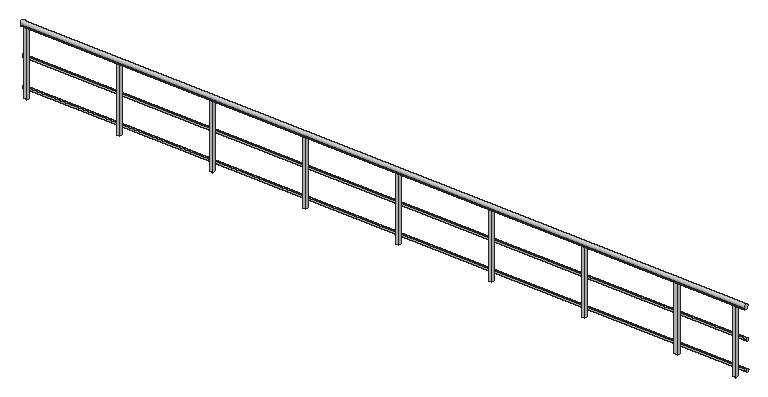
Revit family "Monkey Toe - Handrail System", category Mechanical Equipment, Revit 2016
Family settings
  Part Type = Normal
  Round Connector Dimension = Use Diameter
  Work Plane-Based = No
  Cut with Voids When Loaded = No
  Shared = No
  Room Calculation Point = No
Parameters
  URL = "http://www.monkeytoe.co.nz/products/handrail"
  True Length [instance] = if([built-in parameter 1001306] < (Purlin Spacing * 2 + 240 mm), Purlin Spacing * 2 + 240 mm, [built-in parameter 1001306])  # 11541.5 mm
  Support Spacing [instance] = if(Purlin Spacing * 2 < 1800 mm, Purlin Spacing * 2, Purlin Spacing)  # 1500 mm
  Purlin Spacing Addition [instance] = True Length + (75 * 2 mm)  # 11691.5 mm
  Purlin Spacing = 1500 mm
  Model = ""
  Manufacturer = "Monkey Toe Systems Limited"  # constant formula
  Length w Offset [instance] = [built-in parameter 1001306] + 75 mm + 75 mm  # 11691.5 mm
  built-in parameter 1001306 [instance] = 11541.5 mm
  Half Purlin Spacing = Purlin Spacing / 2  # 750 mm
  Final Length [instance] = (Array Ex * Purlin Spacing) + (75 mm * 2)  # 12150 mm
  Description = "Use to design specific railing systems where required"  # constant formula
  CreatedByURL = "buildbim.co.nz"
  CreatedBy = "BuildBIM"
  Array Size [instance] = ((True Length) / Purlin Spacing)  # 8
  Array Ex Logic [instance] = if(Purlin Spacing * 2 < 1800 mm, Array Ex / 2, Array Ex)  # 8
  Array Ex [instance] = ((True Length) / Purlin Spacing) + 1 - 1  # 8
Reference planes
  plane 1 "Center (Front/Back)": y = 0
  plane 2: z = 0
  plane 3 "Left": x = 0
  plane 4 "Right": x = 11541.5
  plane 5: x = 1500
  plane 6: z = 1100
  plane 7: x = -75
  plane 8: x = 750
  plane 9: x = 2250
  plane 10: x = 11541.5
  plane 11: x = 11466.5
  plane 12: x = 11440
Lines and regions (mm)
  reference lines
    curve 1: line (0, 0, 0) -> (11541.5, 0, 0)
Dimensions and locks
  "built-in parameter 1001306": plane 3 "Left" to plane 4 "Right"
  "Purlin Spacing": plane 3 "Left" to plane 5
  locked: plane 6 to plane 2 at 1100
  "Half Purlin Spacing": plane 3 "Left" to plane 8
  equal spacing: group 1, group 2, group 3, group 4, group 5, group 6, group 7, group 8  (x3)
  "True Length": plane 3 "Left" to plane 10
  "Support Spacing": plane 8 to plane 9
  plane 7 to plane 3 "Left" = 75 mm
  "built-in parameter 1001306": plane 7 to plane 11
  plane 12 to plane 11 = 26.5 mm
  aligned and locked: plane 4 "Right" to curve 1
  aligned and locked: plane 1 "Center (Front/Back)" to curve 1
  aligned and locked: plane 3 "Left" to curve 1
  aligned and locked: level to plane 2
  aligned and locked: nested 1 to plane 7
  aligned and locked: nested 2 to plane 1 "Center (Front/Back)"
  aligned and locked: nested 3 to plane 1 "Center (Front/Back)"
  aligned and locked: plane 1 "Center (Front/Back)" to nested 1
  aligned and locked: plane 6 to nested 1
  aligned and locked: plane 3 "Left" to nested 2
  aligned and locked: nested 3 to plane 5
  aligned and locked: nested 5 to plane 12
  aligned and locked: nested 5 to plane 1 "Center (Front/Back)"
Nested families
  nested 1: "Handrail" at (-75, -39, 0) x (0, 1, 0) z (0, 0, 1), type "Handrail"
    with Radius 28.32 mm, Length 11691.5 mm
  nested 2: "Secondary Handrail-1" at (-26.5, -39, 0), type "Secondary Handrail"
  nested 3: "Secondary Handrail-1" at (1473.5, -39, 0), type "Secondary Handrail"
  nested 4: "Secondary Handrail-1" at (2973.5, -39, 0), type "Secondary Handrail"
  nested 5: "Secondary Handrail-1" at (11413.5, -39, 0), type "Secondary Handrail"
  nested 6: "Secondary Handrail-1" at (4473.5, -39, 0), type "Secondary Handrail"
  nested 7: "Secondary Handrail-1" at (5973.5, -39, 0), type "Secondary Handrail"
  nested 8: "Secondary Handrail-1" at (7473.5, -39, 0), type "Secondary Handrail"
  nested 9: "Secondary Handrail-1" at (8973.5, -39, 0), type "Secondary Handrail"
  nested 10: "Secondary Handrail-1" at (10473.5, -39, 0), type "Secondary Handrail"
Definition of nested family "Handrail"
  Parameters (values of type "Handrail")
    Radius = 27.082 mm
    Length = 11340 mm
    Height = 1100 mm
  Reference planes
    plane 1 "Center (Front/Back)": y = 0
    plane 2: z = 0
    plane 3 "Center (Left/Right)": x = 0
    plane 4: z = 1052.027
    plane 5: x = 39
    plane 6: z = 582
    plane 7: z = 131.933
    plane 8: x = 49
    plane 9: y = -11340
    plane 10: z = 1072.918
    plane 11: x = 19.5
    plane 12: z = 1032
    plane 13: z = 1100
  Forms (mm)
    Extrusion 1, solid
      sketch origin (0, 0, 0) x (1, 0, 0) y (0, 0, 1)
        loop
          line (39, 594) -> (39, 570)
          arc (39, 570) -> (64.62, 582) -> (39, 594) r 15.62
        loop
          line (39, 143.933) -> (39, 119.933)
          arc (39, 119.933) -> (64.62, 131.933) -> (39, 143.933) r 15.62
      from 0 to 11340
    Extrusion 2, solid
      sketch origin (0, 0, 0) x (1, 0, 0) y (0, 0, 1)
        loop
          line (-0.368, 1054.833) -> (-0.368, 1032) -> (40, 1032) -> (40, 1054.889)
          arc (40, 1054.889) -> (19.753, 1100) -> (-0.368, 1054.833) r 27.082
      from 0 to 11340
  Lines and regions (mm)
    reference lines
      curve 1: line (19.5, 0, 1100) -> (119.5, 0, 1100)
      curve 2: line (19.5, 0, 1100) -> (19.5, 0, 1015.413)
  Dimensions and locks
    "Height": plane 13 to plane 2
    plane 5 to plane 3 "Center (Left/Right)" = 39 mm
    plane 5 to plane 8 = 10 mm
    "Length": plane 1 "Center (Front/Back)" to plane 9
    equal spacing: plane 3 "Center (Left/Right)", plane 11, plane 5
    Extrusion 2 to level = 1032 mm
    "Radius": plane 13 to plane 10
    plane 6 to plane 7 = 450.067 mm
    locked: plane 12 to plane 6 at 450
    plane 12 to plane 2 = 1032 mm
    plane 10 to plane 4 = 20.891 mm
    plane 13 to plane 12 = 68 mm
    "Radius": radius of Extrusion 2 sketch curve
    aligned and locked: level to plane 2
    aligned and locked: plane 5 to Extrusion 1 sketch curve  (x4)
    aligned and locked: plane 9 to Extrusion 1
    aligned and locked: plane 12 to Extrusion 2
    aligned and locked: Extrusion 1 to Extrusion 2
    aligned and locked: plane 10 to Extrusion 2 sketch curve
  Automatic sketch dimensions
    Extrusion 1 sketch curve to plane 6 = 0 mm
    plane 8 to Extrusion 1 sketch curve = 0 mm  (x2)
    Extrusion 1 sketch curve to plane 7 = 0 mm
    Extrusion 1 sketch curve to plane 7 = 12 mm
    Extrusion 1 sketch curve to plane 6 = 12 mm
    curve 2 to plane 11 = 0 mm
    curve 2 to plane 13 = 0 mm
    curve 1 to plane 8 = 70.5 mm
    curve 2 to plane 12 = 16.587 mm
    Extrusion 2 sketch curve to plane 12 = 0 mm
    Extrusion 2 sketch curve to plane 3 "Center (Left/Right)" = 0.368 mm
    plane 11 to Extrusion 2 sketch curve = 0.291 mm
    Extrusion 2 sketch curve to plane 5 = 1 mm
Definition of nested family "Secondary Handrail-1"
  Parameters (values of type "Secondary Handrail 2")
    Width = 53 mm
    Show Supports = no
    RH = yes
    LH = yes
    Height = 1135 mm
    Half Width = Width / 2  # 26.5 mm
    Depth = 39 mm
  Types (2, lengths in mm): name | Show Supports | Height
    Secondary Handrail | yes | 1032
    Secondary Handrail 2 | no | 1135
  Reference planes
    plane 1 "Center (Front/Back)": y = 0
    plane 2: z = 0
    plane 3 "Center (Left/Right)": x = 0
    plane 4: y = 39
    plane 5: y = 777
    plane 6: y = 763
    plane 7: x = 53
    plane 8: y = 53
    plane 9: z = -50
    plane 10: y = 1020
    plane 11: y = -243
    plane 12: z = 550
    plane 13: y = 816
    plane 14: x = 26.5
  Lines and regions (mm)
    reference lines
      curve 1: line (26.5, 0, -170) -> (26.5, 0, 1190)
      curve 2: line (26.5, 0, 0) -> (26.5, 53, 0)
  Dimensions and locks
    locked: plane 5 to plane 6 at 14
    locked: plane 8 to plane 4 at 14
    plane 6 to plane 8 = 710 mm
    plane 10 to plane 5 = 243 mm
    plane 1 "Center (Front/Back)" to plane 11 = 243 mm
    plane 12 to plane 2 = 550 mm
    "Half Width": plane 3 "Center (Left/Right)" to plane 14
    "Half Width": plane 14 to plane 7
    aligned and locked: level to plane 2
    aligned and locked: plane 4 to nested 1
    aligned and locked: plane 14 to curve 1
    aligned and locked: nested 1 to curve 2
    aligned and locked: plane 8 to curve 2
    aligned and locked: plane 14 to curve 2
  Automatic sketch dimensions
    curve 1 to plane 9 = 120 mm
    plane 12 to curve 1 = 640 mm
    plane 1 "Center (Front/Back)" to curve 2 = 0 mm
  Nested families
    nested 1: "Family3" at (0, 0, 0), visible <- "LH", type "Family3"
      with Width 53 mm
  Definition of nested family "Family3"
    Parameters (values of type "Family3")
      Width = 49 mm
      Height = 1135 mm
      Depth = 39 mm
    Reference planes
      plane 1 "Center (Front/Back)": y = 0
      plane 2: z = 0
      plane 3 "Center (Left/Right)": x = 0
      plane 4: y = 39
      plane 5: x = 49
      plane 6: z = 1135
    Forms (mm)
      Extrusion 1, solid
        sketch origin (0, 0, 0) x (1, 0, 0) y (0, 1, 0)
          loop
            line (0, 39) -> (0, 0) -> (49, 0) -> (49, 39) -> (0, 39)
        from 0 to 1135
    Dimensions and locks
      "Depth": plane 1 "Center (Front/Back)" to plane 4
      "Width": plane 3 "Center (Left/Right)" to plane 5
      "Height": plane 6 to plane 2
      aligned and locked: level to plane 2
      aligned and locked: Extrusion 1 sketch curve to plane 4
      aligned and locked: plane 3 "Center (Left/Right)" to Extrusion 1 sketch curve
      aligned and locked: Extrusion 1 sketch curve to plane 1 "Center (Front/Back)"
      aligned and locked: plane 5 to Extrusion 1 sketch curve
      aligned and locked: plane 6 to Extrusion 1
